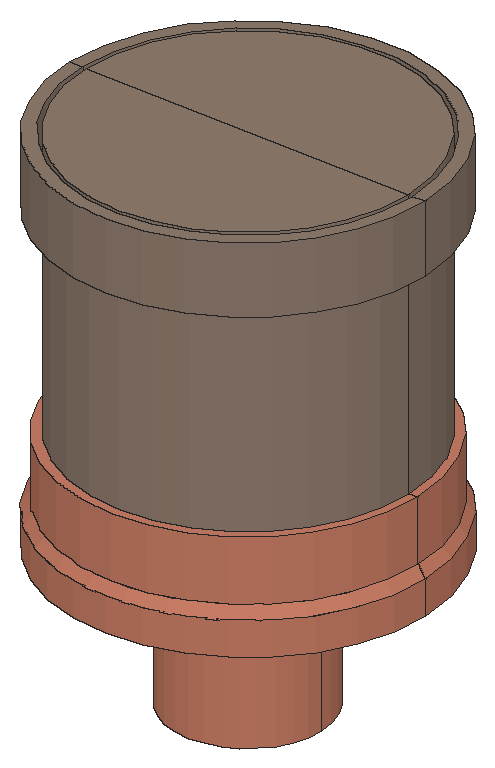
Revit family
Parameters (values of type "4140S02")
  Weight (lb) = 9.68
  Warranty = "1 year material and workmanship"  # constant formula
  URL = "http://www.jrsmith.com"
  Technical and Installation = "http://jrsmith.com/products/cleanout/tech_data_index.htm\",\"http://jrsmith.com/products/cleanout/tech_data_index.htm"
  SmartBIM Object Version = 3  # constant formula
  SmartBIM Object Created By = "Reed Construction Data"  # constant formula
  Product URL = "http://jrsmith.com/products/cleanout/cleanouts_4140_4143.htm"
  Pipe Radius = Pipe Diameter / 2  # 1"
  Pipe Diameter = 2"
  OmniClass Title = "Sanitary Drains"  # constant formula
  OmniClass Code = "22-22 13 19 13"  # constant formula
  No Hub = yes
  Model = "2810"  # constant formula
  Material Finish = Duco Coated
  Material = Cast Iron
  Manufacturer = "Jay R. Smith Mfg. Co. "  # constant formula
  Description = "Duco cast iron cleanout with round adjustable secured nickel bronze top"  # constant formula
  Default Elevation = 0"
  Connection Type = ""
  Assembly Code = "D2030300"
  Floor Offset = 0"  # constant formula
  Adjustable Height = 3 11/16"
  95 CSI = "15155"  # constant formula
  04 CSI = "22 13 19"  # constant formula
Types (4): name | Weight (lb) | Pipe Radius | Pipe Diameter
  4140S03 | 9.4 | 1 1/2" | 3"
  4140S02 | 9.68 | 1" | 2"
  4140S04 | 9.4 | 2" | 4"
  4140S05 | 9.4 | 2 1/2" | 5"
Reference planes (in)
  plane 1 "Center (Front/Back)": y = 0.875
  plane 2: z = 0
  plane 3 "Center (Left/Right)": x = 0
  plane 4: y = 7
  plane 5: y = -5.25
  plane 6 "AAAA": z = 0
  plane 7: z = 0
  plane 8: x = 1
  plane 9: x = 2.25
  plane 10: x = -1
  plane 11: x = -2.25
Dimensions and locks (in)
  equal spacing: plane 5, plane 1 "Center (Front/Back)", plane 4
  locked: plane 6 "AAAA" to level
  "Pipe Radius": plane 8 to plane 3 "Center (Left/Right)"
  locked: plane 9 to plane 8 at 1.25
  locked: plane 11 to plane 10 at 1.25
  "Pipe Radius": plane 3 "Center (Left/Right)" to plane 10
  "Floor Offset": level to nested 1
  aligned and locked: plane 1 "Center (Front/Back)" to nested 1
  aligned and locked: plane 3 "Center (Left/Right)" to nested 1
Nested families (in)
  nested 1: "4140" at (0, 0, 0), type "4140S03"
    with Pipe Radius 1", Pipe Diameter 2", Floor Offset 0"
Connectors (in)
  piping at (0, 0.875, -8.22928), driven by "Pipe Radius"
    settings: on nested 1, index 1
Definition of nested family "4140"
  Parameters (values of type "4140S02")
    Weight (lb) = 9.68
    Warranty = "1 year material and workmanship"  # constant formula
    URL = "http://www.jrsmith.com"
    Technical and Installation = "http://jrsmith.com/products/cleanout/tech_data_index.htm\",\"http://jrsmith.com/products/cleanout/tech_data_index.htm"
    SmartBIM Object Version = 3  # constant formula
    SmartBIM Object Created By = "Reed Construction Data"  # constant formula
    Product URL = "http://jrsmith.com/products/cleanout/cleanouts_4140_4143.htm"
    Pipe Radius = Pipe Diameter / 2  # 1"
    Pipe Diameter = 2"
    OmniClass Title = "Sanitary Drains"  # constant formula
    OmniClass Code = "22-22 13 19 13"  # constant formula
    No Hub = yes
    Model = "2810"  # constant formula
    Material Finish = Duco Coated
    Material = Cast Iron
    Manufacturer = "Jay R. Smith Mfg. Co. "  # constant formula
    Description = "Duco cast iron cleanout with round adjustable secured nickel bronze top"  # constant formula
    Default Elevation = 0"
    Connection Type = ""
    Assembly Code = "D2030300"
    Floor Offset = 3 11/16"
    Adjustable Height = 6"
    95 CSI = "15155"  # constant formula
    04 CSI = "22 13 19"  # constant formula
  Types (4): name | Weight (lb) | Pipe Radius | Pipe Diameter | Adjustable Height
    4140S03 | 9.4 | 1 1/2" | 3" | 3 11/16"
    4140S02 | 9.68 | 1" | 2" | 6"
    4140S04 | 9.4 | 2" | 4" | 3 11/16"
    4140S05 | 9.4 | 2 1/2" | 5" | 3 11/16"
  Reference planes (in)
    plane 1 "Center (Front/Back)": y = 0.875
    plane 2: z = 0
    plane 3 "Center (Left/Right)": x = 0
    plane 4: y = 7
    plane 5: y = -5.25
    plane 6 "AAAA": z = 0
    plane 7: z = -6
    plane 8: x = 1
    plane 9: x = 2.25
    plane 10: x = -1
    plane 11: x = -2.25
  Forms (in)
    Revolve 1, solid, material "Duco Coated" <- "Material Finish", detail levels medium+fine
      sketch origin (0, 0.875, -2.89922) x (1, 0, 0) y (0, 0, 1)
        loop
          line (2.56317, 2.18462) -> (2.56317, -1.75288) -> (2.78296, -1.75288) -> (2.78296, 2.18462) -> (2.56317, 2.18462)
        axis (0, -1.75288) -> (0, 2.18462)
      angle from 0 to 360
    Revolve 2, solid, material "Copper Satin", detail levels medium+fine
      sketch origin (0, 0.875, -2.89922) x (1, 0, 0) y (0, 0, 1)
        loop
          line (2.48299, -5.14113) -> (1, -5.14113) -> (1, -7.64256) -> (1.20493, -7.64256) -> (1.20493, -5.35466) -> (2.90736, -5.35466) -> (2.90736, -4.81425) -> (2.78083, -4.64668) -> (2.78083, -3.66023) -> (2.30838, -3.66023) -> (2.30838, -4.16509) -> (2.02832, -4.16509) -> (2.02832, -4.65091) -> (2.48299, -4.65091) -> (2.48299, -5.14113)
        axis (0, -7.64256) -> (0, -3.66023)
      angle from 0 to 360
    Revolve 3, solid, material "Cast Iron" <- "Material", detail levels medium+fine
      sketch origin (0, 0.875, -2.89922) x (1, 0, 0) y (0, 0, 1)
        loop
          line (0, 3.02422) -> (0, -4.31538) -> (2.63131, -4.31538) -> (2.63131, 3.02422) -> (0, 3.02422)
        axis (0, 3.02422) -> (0, -4.31538)
      angle from 0 to 360
    Revolve 4, solid, material "Cast Iron" <- "Material", detail levels medium+fine
      sketch origin (0, 0.875, -2.89922) x (1, 0, 0) y (0, 0, 1)
        loop
          line (2.1972, 2.18462) -> (2.78296, 2.18462) -> (2.78296, 1.93462) -> (2.90326, 1.93462) -> (2.90326, 3.02422) -> (2.69914, 3.02422) -> (2.69914, 2.33602) -> (2.1972, 2.33602) -> (2.1972, 2.18462)
        axis (0, 1.93462) -> (0, 3.02422)
      angle from 0 to 360
  Cuts and joins
    joined: Revolve 3, Revolve 4
  Lines and regions (in)
    model lines
      curve 1: line (0, 0.875, -10.54178) -> (0, 0.875, 0.125)
      curve 2: line (-2.25, 0.875, 0.125) -> (2.25, 0.875, 0.125)
  Dimensions and locks (in)
    equal spacing: plane 5, plane 1 "Center (Front/Back)", plane 4
    locked: Revolve 2 sketch curve to Revolve 2 sketch curve at 0.20493
    "Pipe Radius": Revolve 2 sketch curve to plane 3 "Center (Left/Right)"
    locked: plane 6 "AAAA" to level
    locked: Revolve 4 sketch curve to plane 6 "AAAA" at 0.125
    "Adjustable Height": level to plane 7
    locked: plane 7 to Revolve 2 sketch curve at 0.55945
    locked: plane 6 "AAAA" to Revolve 4 sketch curve at 0.9646
    locked: Revolve 1 sketch curve to Revolve 1 sketch curve at 0.21978
    "Floor Offset": cut or joined group of Revolve 3, Revolve 4 to Revolve 1 sketch curve
    Revolve 2 sketch curve to Revolve 2 sketch curve to Revolve 2 sketch curve to Revolve 2 sketch curve to Revolve 2 sketch curve to Revolve 2 sketch curve = 0.12653" locked, 0.29783" locked, 0.17462" locked, 0.28006" locked, 0.82339" locked
    locked: Revolve 2 to Revolve 1 sketch curve at 1.56317
    locked: Revolve 2 to Revolve 3 sketch curve at 1.63131
    Revolve 4 sketch curve to Revolve 4 sketch curve to Revolve 4 sketch curve to Revolve 4 sketch curve = 0.12031" locked, 0.08382" locked, 0.50194" locked
    locked: Revolve 4 sketch curve to Revolve 2 at 1.1972
    "Pipe Radius": plane 8 to plane 3 "Center (Left/Right)"
    locked: plane 9 to plane 8 at 1.25
    locked: plane 11 to plane 10 at 1.25
    "Pipe Radius": plane 3 "Center (Left/Right)" to plane 10
    locked: Revolve 2 to Revolve 3 sketch curve at 0.65515
    aligned and locked: curve 1 to Revolve 2
    aligned and locked: curve 2 to Revolve 4
    aligned and locked: Revolve 4 to Revolve 3
    aligned and locked: Revolve 1 sketch curve to cut or joined group of Revolve 3, Revolve 4
    aligned and locked: plane 11 to curve 2
    aligned and locked: plane 9 to curve 2
  Automatic sketch dimensions
    curve 1 to plane 3 "Center (Left/Right)" = 0"
    Revolve 1 sketch curve to plane 3 "Center (Left/Right)" = 0"
    plane 7 to Revolve 1 sketch curve = 0.28828"
    level to Revolve 1 sketch curve = 1.66322"
    Revolve 2 sketch curve to plane 3 "Center (Left/Right)" = 0"
    Revolve 2 sketch curve to Revolve 2 sketch curve = 0.50486"
    Revolve 2 sketch curve to Revolve 2 sketch curve = 0.48159"
    Revolve 2 sketch curve to Revolve 2 sketch curve = 0.00423"
    Revolve 2 sketch curve to Revolve 2 sketch curve = 0.16757"
    Revolve 2 sketch curve to Revolve 2 sketch curve = 0.49022"
    Revolve 2 sketch curve to Revolve 2 sketch curve = 0.21353"
    Revolve 2 sketch curve to Revolve 2 sketch curve = 2.2879"
    plane 7 to Revolve 2 sketch curve = 0.28828"
    level to Revolve 2 sketch curve = 1.41717"
    Revolve 4 sketch curve to plane 3 "Center (Left/Right)" = 0"
    Revolve 4 sketch curve to level = 1.03489"
    plane 7 to Revolve 4 sketch curve = 0.78828"
    Revolve 4 sketch curve to Revolve 4 sketch curve = 1/4"
    Revolve 4 sketch curve to Revolve 4 sketch curve = 0.1514"
    Revolve 3 sketch curve to plane 3 "Center (Left/Right)" = 0"  (x2)
    plane 7 to Revolve 3 sketch curve = 0.28828"
    level to Revolve 3 sketch curve = 1/8"
    Revolve 3 sketch curve to Revolve 3 sketch curve = 7.61961"
  Connectors (in)
    piping at (0, 0.875, -10.54178), driven by "Pipe Radius"
      settings: on Revolve 2, index 2
